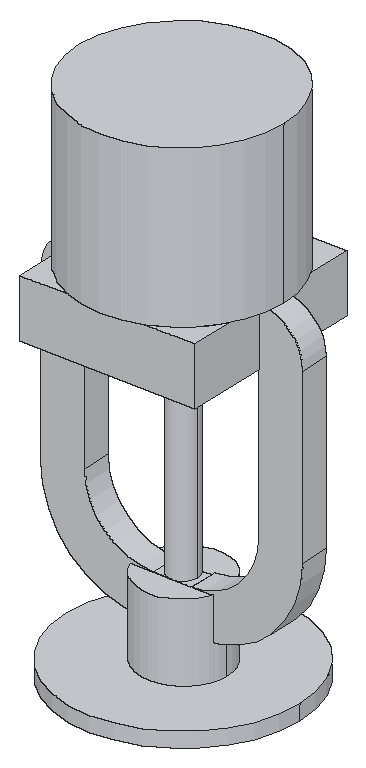
Revit family
Parameters (values of type "RASCO F1FR56 PENDENT")
  Temperature Rating = 155 °F
  Response = 1
  RASCO SIN # = "RA1414"
  RASCO Part # = "F1FR56P1C"
  Pressure Rating = "175 PSI"
  Pressure Class = (empty or 0)
  Orifice Size = 1/2"
  Orifice = (empty or 0)
  Model = "F1FR56"
  Manufacturer = "RASCO"
  K-Factor = 5.6
  Description = "Chrome Finish"
  Coverage = (empty or 0)
Reference planes (in)
  plane 1 "Center (Front/Back)": y = 0
  plane 2: z = 0
  plane 3 "Center (Left/Right)": x = 0
Dimensions and locks (in)
  aligned and locked: plane 2 to level
Nested families (in)
  nested 1: "F1FR56P1C" at (-0.0113, 0, 2.4375) x (-1, 0, 0) z (0, 0, -1), type "RASCO F1FR56 PENDENT"
Connectors (in)
  piping at (-0.0113, 0, 2.4375)
    settings: on nested 1, index 1, connector radius 115/256", flow factor 0, pipe flow 0 GPM, pressure drop 0.00 psi, fitting loss kfactor 0, connector angle 0.00°, fixture units 0, flow configuration 0, flow direction 0, fitting loss method 0, system type 7, connector reference index -1, connector utility 0, adjustable connector no, is connector primary yes, fitting loss table "", connector description ""
Definition of nested family "F1FR56P1C"
  Parameters (values of type "RASCO F1FR56 PENDENT")
    Type Comments = ""
    Temperature Rating = 0 °F
    Response = (empty or 0)
    Pressure Rating = "0"
    Pressure Class = (empty or 0)
    Orifice Size = 0"
    Orifice = (empty or 0)
    Model = ""
    Manufacturer = ""
    K-Factor = 0
    Description = ""
    Coverage = (empty or 0)
    Assembly Code = ""
  Reference planes (in)
    plane 1 "Center (Front/Back)": y = 0
    plane 2: z = 0
    plane 3 "ref.2": z = 0.6875
    plane 4 "ref.3": z = 0.9375
    plane 5: x = -0.38065
    plane 6: x = 0.36935
    plane 7 "ref. side 1": y = 0.06402
    plane 8 "ref. side 2": y = -0.06098
    plane 9 "ref.4": z = 1.875
    plane 10 "ref.5": z = 2.3125
    plane 11 "ref.6": z = 2.4375
  Forms (in)
    Extrusion 1, solid
      sketch origin (0, 0, 0) x (1, 0, 0) y (0, 1, 0)
        loop
          circle (0, 0) r 0.4379
      from 0 to 0.6875
    Extrusion 2, solid
      sketch origin (-0.12185, 0.05177, 0.6875) x (1, 0, 0) y (0, 1, 0)
        loop
          line (-0.2588, 0.356) -> (-0.2588, -0.4565) -> (0.4912, -0.4565) -> (0.4912, 0.356) -> (-0.2588, 0.356)
      from 0 to 0.25
    Extrusion 3, solid
      sketch origin (0, 0, 0) x (1, 0, 0) y (0, 0, 1)
        loop
          line (-0.38065, 0.68754) -> (-0.38065, 1.58397)
          arc (-0.38065, 1.58397) -> (-0.29541, 1.78976) -> (-0.08962, 1.875) r 0.29103
          line (-0.08962, 1.875) -> (0.07524, 1.875)
          arc (0.07524, 1.875) -> (0.28321, 1.78886) -> (0.36935, 1.58089) r 0.29411
          line (0.36935, 1.58089) -> (0.36935, 0.68751)
          arc (0.36935, 0.68751) -> (0.50207, 0.74393) -> (0.55685, 0.87734) r 0.18984
          line (0.55685, 0.87734) -> (0.55685, 1.61676)
          arc (0.55685, 1.61676) -> (0.42629, 1.93194) -> (0.11111, 2.0625) r 0.44574
          line (0.11111, 2.0625) -> (-0.12259, 2.0625)
          arc (-0.12259, 2.0625) -> (-0.43765, 1.932) -> (-0.56815, 1.61694) r 0.44556
          line (-0.56815, 1.61694) -> (-0.56815, 0.87876)
          arc (-0.56815, 0.87876) -> (-0.51345, 0.74486) -> (-0.38065, 0.68754) r 0.19126
      from -0.06402 to 0.06098
    Extrusion 4, solid
      sketch origin (0, 0, 0.9375) x (-1, 0, 0) y (0, -1, 0)
        loop
          circle (0.00574, -0.00152) r 0.0625
      from 0 to 0.9375
    Extrusion 5, solid
      sketch origin (0, 0, 1.875) x (-1, 0, 0) y (0, -1, 0)
        loop
          circle (0.00574, -0.00152) r 0.1875
      from 0 to 0.4375
    Extrusion 6, solid
      sketch origin (0, 0, 2.3125) x (0, -1, 0) y (1, 0, 0)
        loop
          circle (-0.00152, -0.00574) r 0.5
      from -0.10531 to -0.03987
  Cuts and joins
    joined: Extrusion 1, Extrusion 2, Extrusion 4
  Lines and regions (in)
    model lines
      curve 1: line (-0.00574, 0.06402, 1.875) -> (-0.00574, -0.06098, 1.875)
